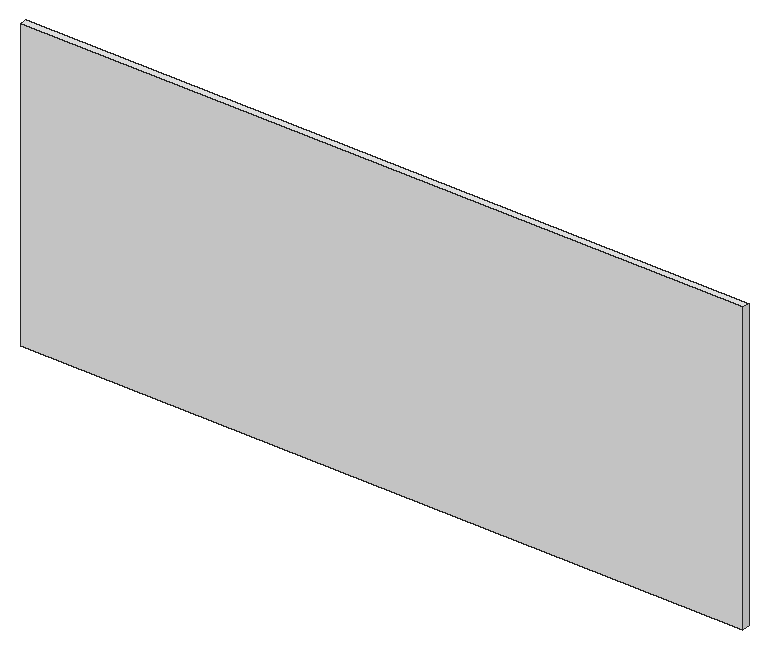
Revit family "Projektor", category Furniture, Revit 2015
Parameters (values of type "250x100cm")
  Width = 2500 mm
  Sill Height = 1000 mm
  Material Projector [instance] = White
  Height = 1000 mm
  Assembly Code = ""
Types (2, lengths in mm): name | Width
  250x100cm | 2500
  150x100cm | 1500
Reference planes
  plane 1 "Center (Front/Back)": y = 0
  plane 2: z = 0
  plane 3 "Center (Left/Right)": x = 0
  plane 4 "Projector Height": z = 2000
  plane 5 "Projector Bottom": z = 1000
  plane 6: x = -1250
  plane 7: x = 1250
Forms (mm)
  Extrusion 1, solid, material "White" <- "Material Projector"
    sketch origin (0, 0, 0) x (1, 0, 0) y (0, 0, 1)
      loop
        line (-1250, 2000) -> (-1250, 1000) -> (1250, 1000) -> (1250, 2000) -> (-1250, 2000)
    from 0 to 25
Lines and regions (mm)
  symbolic lines, style "FurnitureHiddenLines"
    curve 1: line (-1250, -25, 1000) -> (0, -1978.817, 1000)
    curve 2: line (0, -1978.817, 1000) -> (1250, -25, 1000)
Dimensions and locks
  equal spacing: plane 7, plane 3 "Center (Left/Right)", plane 6
  "Width": plane 7 to plane 6
  "Sill Height": plane 5 "Projector Bottom" to level
  "Height": plane 4 "Projector Height" to plane 5 "Projector Bottom"
  aligned and locked: Extrusion 1 sketch curve to plane 4 "Projector Height"
  aligned and locked: Extrusion 1 sketch curve to plane 6
  aligned and locked: Extrusion 1 sketch curve to plane 5 "Projector Bottom"
  aligned and locked: Extrusion 1 sketch curve to plane 7
  aligned: curve 2 to Extrusion 1
Automatic sketch dimensions
  curve 2 to plane 7 = 0 mm
  curve 2 to plane 3 "Center (Left/Right)" = 0 mm
  curve 1 to plane 6 = 0 mm
  plane 1 "Center (Front/Back)" to curve 2 = 25 mm
  plane 1 "Center (Front/Back)" to curve 1 = 25 mm
  plane 1 "Center (Front/Back)" to curve 2 = 1978.817 mm
